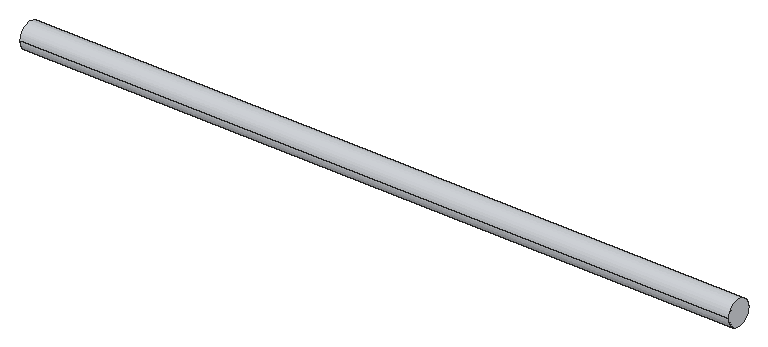
Revit family "tubo", category Modelli generici, Revit 2013
Parameters (values of type "57.8")
  lunghezza tubo = 578 mm
Types (3, lengths in mm): name | lunghezza tubo
  47.8 cm | 478
  57.8 | 578
  37.8 cm | 378
Reference planes
  plane 1 "Centro (Fronte/Retro)": y = 0
  plane 2: z = 0
  plane 3 "Centro (Sinistra/Destra)": x = 0
  plane 4: x = 578
Forms (mm)
  Extrusion 1, solid
    sketch origin (0, 0, 0) x (0, 1, 0) y (0, 0, 1)
      loop
        circle (0, 0) r 10
    from 0 to 578 <- "lunghezza tubo"
Dimensions and locks
  "lunghezza tubo": plane 4 to plane 3 "Centro (Sinistra/Destra)"
  aligned and locked: level to plane 2
Automatic sketch dimensions
  Extrusion 1 sketch curve to level = 0 mm
  Extrusion 1 sketch curve to plane 1 "Centro (Fronte/Retro)" = 0 mm
  radius of Extrusion 1 sketch curve = 10 mm
